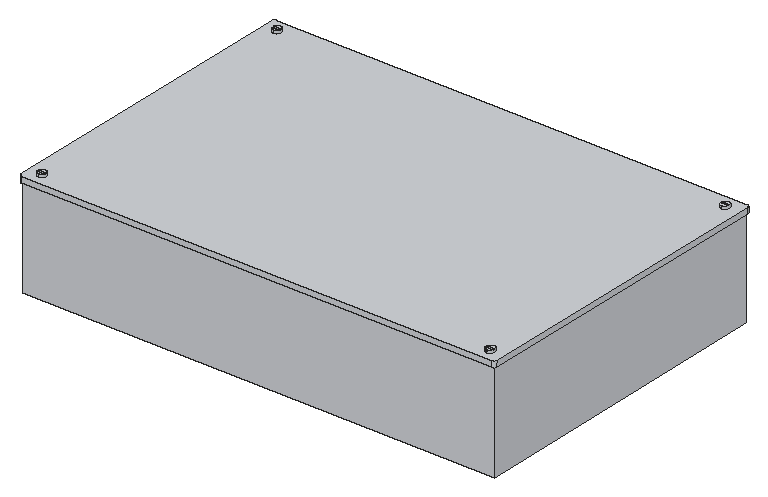
Revit family "AB16G", category Generic Models, Revit 2017
Family settings
  Can host rebar = No
  Round Connector Dimension = Use Diameter
  Part Type = Normal
  Work Plane-Based = Yes
  Always vertical = No
  Cut with Voids When Loaded = No
  Shared = No
  Room Calculation Point = No
Parameters (values of type "NBS Standard Parameters")
  Weight = "0.88Kg"
  WarrantyStartDate [instance] = "1900-12-31T23:59:59"
  WarrantyGuarantorParts = "n/a"
  WarrantyGuarantorLabor = "n/a"
  WarrantyDurationUnit = "1 year"
  WarrantyDurationParts = "n/a"
  WarrantyDurationLabor = "n/a"
  WarrantyDescription = "n/a"
  Version = "1"
  Uniclass2 = "Pr_65_52_01_86"
  TagNumber [instance] = "n/a"
  SustainabilityPerformance = "n/a"
  Size = "225 X 150 X 50mm ( 9 X 6 X 2\")"
  Shape = "Rectangular"
  SerialNumber [instance] = "n/a"
  Revision = "n/a"
  ReplacementCost = "n/a"
  ProductInformation = "www.metpro.co.uk/pdf/ab16g.pdf"
  NominalWidth = 225 mm
  NominalLength = 150 mm
  NominalHeight = 50 mm
  Name = ""
  NBSTypeID = ""
  NBSReference = "45-35-00/340"
  NBSOfficeMasterTag = ""
  NBSNote = ""
  NBSDescription = "Surface Boxes"
  NBSCertification = ""
  ModelReference = "AB16G"
  ModelNumber = "n/a"
  Material = "Galvanised Steel Sheet"
  ManufacturerURL = "www.metpro.co.uk"
  ManufacturerName = "Metpro Ltd"
  Keynote = "Compliant to LU standard 1-085"
  InstallationDate [instance] = "1900-12-31T23:59:59"
  IfcExportType = ""
  IfcExportAs = ""
  Grade = "n/a"
  Finish = "Pre Galvanised Steel Sheet"
  Features = "n/a"
  ExpectedLife = "n/a"
  DurationUnit = "year"
  Description = "AB16G - 225 X 150 X 50mm ( 9 X 6 X 2\")  Adaptable Box - Plain"
  Default Elevation = 1219.2 mm
  Constituents = "n/a"
  Color = "n/a"
  CodePerformance = "n/a"
  Category = "n/a"
  BarCode [instance] = "n/a"
  BIMObjectName = "Metpro_metprolibrary_surfaceboxes_adaptablebox_Plainsided"
  Author = "Metpro limited"
  AssetType = ""
  AssetIdentifier [instance] = "n/a"
  AccessibilityPerformance = "n/a"
Reference planes
  plane 1 "Center (Front/Back)": y = 0
  plane 2: z = 0
  plane 3 "Center (Left/Right)": x = 0
Forms (mm)
  Extrusion 1, solid
    sketch origin (142.406, -201.304, 168.36) x (0, -1, 0) y (1, 0, 0)
      loop
        line (-2.199, -230) -> (-2.199, -5) -> (-152.199, -5) -> (-152.199, -230) -> (-2.199, -230)
    from 0 to 47.5
  Extrusion 2, solid
    sketch origin (142.406, -201.304, 215.86) x (0, -1, 0) y (1, 0, 0)
      loop
        line (-151.75, -231) -> (-2.599, -231)
        arc (-2.599, -231) -> (-1.609, -230.59) -> (-1.199, -229.6) r 1.4
        line (-1.199, -229.6) -> (-1.199, -5.4)
        arc (-1.199, -5.4) -> (-1.609, -4.41) -> (-2.599, -4) r 1.4
        line (-2.599, -4) -> (-151.799, -4)
        arc (-151.799, -4) -> (-152.789, -4.41) -> (-153.199, -5.4) r 1.4
        line (-153.199, -5.4) -> (-153.199, -229.551)
        arc (-153.199, -229.551) -> (-152.774, -230.576) -> (-151.75, -231) r 1.449
    from 0 to 2.5
  Extrusion 3, solid
    sketch origin (142.406, -201.304, 218.36) x (0, -1, 0) y (1, 0, 0)
      loop
        circle (-147.199, -224.75) r 2
      loop
        circle (-7.199, -224.75) r 2
      loop
        circle (-147.199, -11) r 2
      loop
        circle (-7.199, -11) r 2
    from 0 to 1
  Extrusion 4, void
    sketch origin (142.406, -201.304, 219.36) x (1, 0, 0) y (0, -1, 0)
      loop
        line (-230, -146.644) -> (-230, -147.685) -> (-216.945, -147.685) -> (-216.945, -146.644) -> (-230, -146.644)
      loop
        line (-230, -6.678) -> (-230, -7.678) -> (-216.945, -7.678) -> (-216.945, -6.678) -> (-230, -6.678)
      loop
        line (-16, -146.826) -> (-16, -147.661) -> (-6.823, -147.661) -> (-6.823, -146.826) -> (-16, -146.826)
      loop
        line (-16, -6.516) -> (-16, -7.511) -> (-5.123, -7.511) -> (-5.123, -6.516) -> (-16, -6.516)
    from 0 to 0.5
Cuts and joins
  Extrusion 4 cuts Extrusion 3
Dimensions and locks
  aligned and locked: level to plane 2
